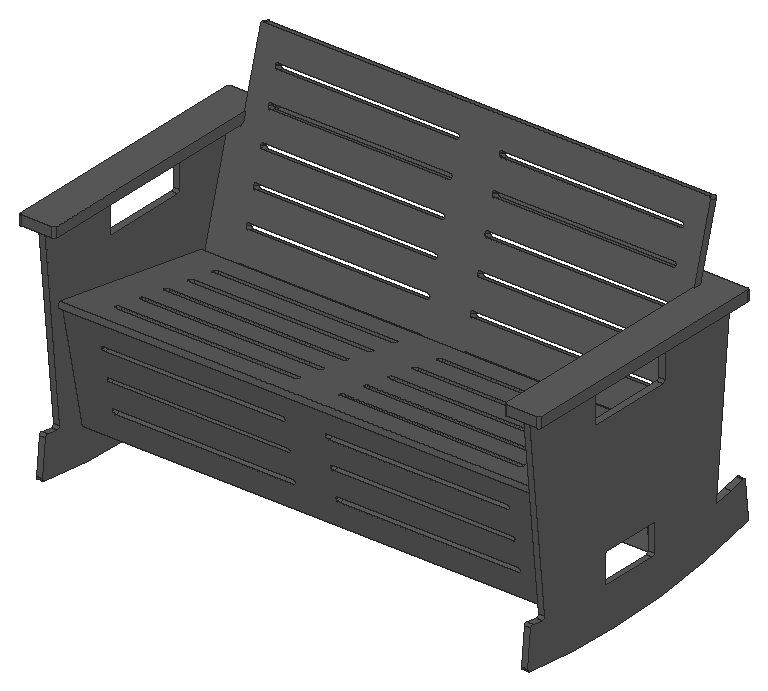
Revit family "Lollygagger Go Love Rocker", category Furniture, Revit 2016
Family settings
  OmniClass Number = 23.40.20.00
  OmniClass Title = General Furniture and Specialties
  Work Plane-Based = No
  Always vertical = Yes
  Cut with Voids When Loaded = No
  Shared = No
  Room Calculation Point = No
Parameters (values of type "Loll-Black")
  Width = 2' - 2"  # constant formula
  URL = "https://lolldesigns.com/"
  Type Image = go_love rocker.jpg
  Thick = 0' - 1"  # constant formula
  Model = ""
  Manufacturer = "Loll"  # constant formula
  Length = 4' - 3 1/2"  # constant formula
  Height Top = 2' - 0"  # constant formula
  Finish Material = Loll-Black
  Apron = 1' - 3 3/4"  # constant formula
Reference planes (in)
  plane 1 "Center Front/Back": y = 0
  plane 2: z = 0
  plane 3 "Center Left/Right": x = 0
  plane 4: z = 24
  plane 5: z = 23
  plane 6: y = 13
  plane 7: y = -13
  plane 8: z = 7.25
  plane 9: x = -25.75
  plane 10: x = 25.75
  plane 11: y = 9.97754
  plane 12: y = -9.97778
  plane 13: x = 24.3125
  plane 14: x = 23.6875
  plane 15: x = -24.3125
  plane 16: x = -23.6875
  plane 17: x = -22.25
  plane 18: x = 22.25
  plane 19: through (0, 12.90709, 32.04181) normal (0, -0.9613, 0.2756)
  plane 20: through (0, 13.50788, 31.86953) normal (0, -0.9613, 0.2756)
  plane 21: through (-60.54339, -180.30144, 45.90478) normal (0, 0.1736, 0.9848)
  plane 22: through (-60.54339, -180.40997, 45.28927) normal (0, 0.1736, 0.9848)
Forms (in)
  Extrusion 1, solid, material "Loll-Black" <- "Finish Material"
    sketch origin (8.0625, 0.28155, 0) x (1, 0, 0) y (0, 1, 0)
      loop
        arc (-33.5633, 12.71845) -> (-33.73951, 12.64546) -> (-33.8125, 12.46925) r 0.2492
        line (-33.8125, 12.46925) -> (-33.8125, -13.03428)
        arc (-33.8125, -13.03428) -> (-33.74008, -13.20912) -> (-33.56523, -13.28155) r 0.24727
        line (-33.56523, -13.28155) -> (-30.55977, -13.28155)
        arc (-30.55977, -13.28155) -> (-30.38492, -13.20912) -> (-30.3125, -13.03428) r 0.24727
        line (-30.3125, -13.03428) -> (-30.3125, 10.72442)
        arc (-30.3125, 10.72442) -> (-30.23928, 10.9012) -> (-30.0625, 10.97442) r 0.25
        line (-30.0625, 10.97442) -> (-29.0625, 10.97442)
        arc (-29.0625, 10.97442) -> (-28.88572, 11.04765) -> (-28.8125, 11.22442) r 0.25
        line (-28.8125, 11.22442) -> (-28.8125, 12.46925)
        arc (-28.8125, 12.46925) -> (-28.88549, 12.64546) -> (-29.0617, 12.71845) r 0.2492
        line (-29.0617, 12.71845) -> (-33.5633, 12.71845)
    from 23 to 24
  Extrusion 2, solid, material "Loll-Black" <- "Finish Material"
    sketch origin (-10.5, 0, 0) x (0, 1, 0) y (0, 0, 1)
      loop
        line (12.39892, 23) -> (4.37245, 23) -> (4.37245, 19.25)
        arc (4.37245, 19.25) -> (4.29923, 19.07322) -> (4.12245, 19) r 0.25
        line (4.12245, 19) -> (-4.12245, 19)
        arc (-4.12245, 19) -> (-4.29923, 19.07322) -> (-4.37245, 19.25) r 0.25
        line (-4.37245, 19.25) -> (-4.37245, 23) -> (-12.39892, 23) -> (-10.4896, 4.8341)
        arc (-10.4896, 4.8341) -> (-10.56457, 4.62813) -> (-10.77303, 4.5604) r 0.25
        line (-10.77303, 4.5604) -> (-11.94806, 4.72554)
        arc (-11.94806, 4.72554) -> (-12.13676, 4.67497) -> (-12.23148, 4.5041) r 0.25
        line (-12.23148, 4.5041) -> (-12.5975, 1.02168)
        arc (-12.5975, 1.02168) -> (-12.54352, 0.83867) -> (-12.37616, 0.74704) r 0.25
        line (-12.37616, 0.74704) -> (-6.98369, 0.15476) -> (-1.59178, 0.00395) -> (4.00288, 0.3065) -> (9.19313, 1.03594) -> (14.43463, 2.19533)
        arc (14.43463, 2.19533) -> (14.5835, 2.29332) -> (14.62927, 2.46557) r 0.25
        line (14.62927, 2.46557) -> (14.25865, 5.99185)
        arc (14.25865, 5.99185) -> (14.15215, 6.17138) -> (13.94656, 6.20753) r 0.25
        line (13.94656, 6.20753) -> (12.54978, 5.84098) -> (10.88859, 5.44919)
        arc (10.88859, 5.44919) -> (10.66599, 5.50488) -> (10.58257, 5.71864) r 0.25
        line (10.58257, 5.71864) -> (12.39892, 23)
      loop
        arc (2.85134, 4.20853) -> (3.02811, 4.28175) -> (3.10134, 4.45853) r 0.25
        line (3.10134, 4.45853) -> (3.10134, 7.01155)
        arc (3.10134, 7.01155) -> (3.02811, 7.18832) -> (2.85134, 7.26155) r 0.25
        line (2.85134, 7.26155) -> (-2.85134, 7.26155)
        arc (-2.85134, 7.26155) -> (-3.02811, 7.18832) -> (-3.10134, 7.01155) r 0.25
        line (-3.10134, 7.01155) -> (-3.10134, 4.45853)
        arc (-3.10134, 4.45853) -> (-3.02811, 4.28175) -> (-2.85134, 4.20853) r 0.25
        line (-2.85134, 4.20853) -> (2.85134, 4.20853)
    from -13.8125 to -13.1875
  Extrusion 3, solid, material "Loll-Black" <- "Finish Material"
    sketch origin (-11.5, 5.46875, 16) x (1, 0, 0) y (0, -1, 0)
      loop
        line (-11.99511, 15.2162) -> (-12.99721, 15.2162)
        arc (-12.99721, 15.2162) -> (-13.6179, 14.9591) -> (-13.875, 14.33841) r 0.87779
        line (-13.875, 14.33841) -> (-13.875, 13.33174)
        arc (-13.875, 13.33174) -> (-13.62149, 12.71971) -> (-13.00946, 12.4662) r 0.86554
        line (-13.00946, 12.4662) -> (-11.99664, 12.4662)
        arc (-11.99664, 12.4662) -> (-11.3803, 12.7215) -> (-11.125, 13.33784) r 0.87164
        line (-11.125, 13.33784) -> (-11.125, 14.34609)
        arc (-11.125, 14.34609) -> (-11.37985, 14.96135) -> (-11.99511, 15.2162) r 0.87011
      loop
        circle (-11.62711, 13.83944) r 0.15388
      loop
        circle (-13.37289, 13.83944) r 0.15388
    from -7 to -6.75
  Extrusion 4, solid, material "Loll-Black" <- "Finish Material"
    sketch origin (-8.0625, 0.28155, 0) x (-1, 0, 0) y (0, -1, 0)
      loop
        line (-33.5633, -12.71845) -> (-29.0617, -12.71845)
        arc (-29.0617, -12.71845) -> (-28.88549, -12.64546) -> (-28.8125, -12.46925) r 0.2492
        line (-28.8125, -12.46925) -> (-28.8125, -11.22442)
        arc (-28.8125, -11.22442) -> (-28.88572, -11.04765) -> (-29.0625, -10.97442) r 0.25
        line (-29.0625, -10.97442) -> (-30.0625, -10.97442)
        arc (-30.0625, -10.97442) -> (-30.23928, -10.9012) -> (-30.3125, -10.72442) r 0.25
        line (-30.3125, -10.72442) -> (-30.3125, 13.03428)
        arc (-30.3125, 13.03428) -> (-30.38492, 13.20912) -> (-30.55977, 13.28155) r 0.24727
        line (-30.55977, 13.28155) -> (-33.56523, 13.28155)
        arc (-33.56523, 13.28155) -> (-33.74008, 13.20912) -> (-33.8125, 13.03428) r 0.24727
        line (-33.8125, 13.03428) -> (-33.8125, -12.46925)
        arc (-33.8125, -12.46925) -> (-33.73951, -12.64546) -> (-33.5633, -12.71845) r 0.2492
    from 23 to 24
  Extrusion 5, solid, material "Loll-Black" <- "Finish Material"
    sketch origin (-11.5, 21.33866, 16) x (1, 0, 0) y (0, -1, 0)
      loop
        line (-11.99511, 15.2162) -> (-12.99721, 15.2162)
        arc (-12.99721, 15.2162) -> (-13.6179, 14.9591) -> (-13.875, 14.33841) r 0.87779
        line (-13.875, 14.33841) -> (-13.875, 13.33174)
        arc (-13.875, 13.33174) -> (-13.62149, 12.71971) -> (-13.00946, 12.4662) r 0.86554
        line (-13.00946, 12.4662) -> (-11.99664, 12.4662)
        arc (-11.99664, 12.4662) -> (-11.3803, 12.7215) -> (-11.125, 13.33784) r 0.87164
        line (-11.125, 13.33784) -> (-11.125, 14.34609)
        arc (-11.125, 14.34609) -> (-11.37985, 14.96135) -> (-11.99511, 15.2162) r 0.87011
      loop
        circle (-11.62711, 13.83944) r 0.15388
      loop
        circle (-13.37289, 13.83944) r 0.15388
    from -7 to -6.75
  Extrusion 6, solid, material "Loll-Black" <- "Finish Material"
    sketch origin (11.5, 5.46875, 16) x (1, 0, 0) y (0, -1, 0)
      loop
        arc (11.99511, 15.2162) -> (11.37985, 14.96135) -> (11.125, 14.34609) r 0.87011
        line (11.125, 14.34609) -> (11.125, 13.33784)
        arc (11.125, 13.33784) -> (11.3803, 12.7215) -> (11.99664, 12.4662) r 0.87164
        line (11.99664, 12.4662) -> (13.00946, 12.4662)
        arc (13.00946, 12.4662) -> (13.62149, 12.71971) -> (13.875, 13.33174) r 0.86554
        line (13.875, 13.33174) -> (13.875, 14.33841)
        arc (13.875, 14.33841) -> (13.6179, 14.9591) -> (12.99721, 15.2162) r 0.87779
        line (12.99721, 15.2162) -> (11.99511, 15.2162)
      loop
        circle (11.62711, 13.83944) r 0.15388
      loop
        circle (13.37289, 13.83944) r 0.15388
    from -7 to -6.75
  Extrusion 7, solid, material "Loll-Black" <- "Finish Material"
    sketch origin (11.5, 21.33866, 16) x (1, 0, 0) y (0, -1, 0)
      loop
        arc (11.99511, 15.2162) -> (11.37985, 14.96135) -> (11.125, 14.34609) r 0.87011
        line (11.125, 14.34609) -> (11.125, 13.33784)
        arc (11.125, 13.33784) -> (11.3803, 12.7215) -> (11.99664, 12.4662) r 0.87164
        line (11.99664, 12.4662) -> (13.00946, 12.4662)
        arc (13.00946, 12.4662) -> (13.62149, 12.71971) -> (13.875, 13.33174) r 0.86554
        line (13.875, 13.33174) -> (13.875, 14.33841)
        arc (13.875, 14.33841) -> (13.6179, 14.9591) -> (12.99721, 15.2162) r 0.87779
        line (12.99721, 15.2162) -> (11.99511, 15.2162)
      loop
        circle (11.62711, 13.83944) r 0.15388
      loop
        circle (13.37289, 13.83944) r 0.15388
    from -7 to -6.75
  Extrusion 8, solid, material "Loll-Black" <- "Finish Material"
    sketch origin (21.6575, -11.94341, 3.54175) x (1, 0, 0) y (0, 0.984808, -0.173648)
      loop
        line (-45.345, 16.82099) -> (-45.345, -0.92901) -> (2.03, -0.92901) -> (2.03, 16.82099) -> (-45.345, 16.82099)
      loop
        line (-41.595, 13.76891) -> (-23.9075, 13.76891)
        arc (-23.9075, 13.76891) -> (-23.73072, 13.84213) -> (-23.6575, 14.01891) r 0.25
        line (-23.6575, 14.01891) -> (-23.6575, 14.08141)
        arc (-23.6575, 14.08141) -> (-23.73072, 14.25818) -> (-23.9075, 14.33141) r 0.25
        line (-23.9075, 14.33141) -> (-41.595, 14.33141)
        arc (-41.595, 14.33141) -> (-41.77178, 14.25818) -> (-41.845, 14.08141) r 0.25
        line (-41.845, 14.08141) -> (-41.845, 14.01891)
        arc (-41.845, 14.01891) -> (-41.77178, 13.84213) -> (-41.595, 13.76891) r 0.25
      loop
        line (-1.72, 14.33141) -> (-19.4075, 14.33141)
        arc (-19.4075, 14.33141) -> (-19.58428, 14.25818) -> (-19.6575, 14.08141) r 0.25
        line (-19.6575, 14.08141) -> (-19.6575, 14.01891)
        arc (-19.6575, 14.01891) -> (-19.58428, 13.84213) -> (-19.4075, 13.76891) r 0.25
        line (-19.4075, 13.76891) -> (-1.72, 13.76891)
        arc (-1.72, 13.76891) -> (-1.54322, 13.84213) -> (-1.47, 14.01891) r 0.25
        line (-1.47, 14.01891) -> (-1.47, 14.08141)
        arc (-1.47, 14.08141) -> (-1.54322, 14.25818) -> (-1.72, 14.33141) r 0.25
      loop
        line (-41.595, 10.71682) -> (-23.9075, 10.71682)
        arc (-23.9075, 10.71682) -> (-23.73072, 10.79005) -> (-23.6575, 10.96682) r 0.25
        line (-23.6575, 10.96682) -> (-23.6575, 11.02932)
        arc (-23.6575, 11.02932) -> (-23.73072, 11.2061) -> (-23.9075, 11.27932) r 0.25
        line (-23.9075, 11.27932) -> (-41.595, 11.27932)
        arc (-41.595, 11.27932) -> (-41.77178, 11.2061) -> (-41.845, 11.02932) r 0.25
        line (-41.845, 11.02932) -> (-41.845, 10.96682)
        arc (-41.845, 10.96682) -> (-41.77178, 10.79005) -> (-41.595, 10.71682) r 0.25
      loop
        line (-1.72, 11.27932) -> (-19.4075, 11.27932)
        arc (-19.4075, 11.27932) -> (-19.58428, 11.2061) -> (-19.6575, 11.02932) r 0.25
        line (-19.6575, 11.02932) -> (-19.6575, 10.96682)
        arc (-19.6575, 10.96682) -> (-19.58428, 10.79005) -> (-19.4075, 10.71682) r 0.25
        line (-19.4075, 10.71682) -> (-1.72, 10.71682)
        arc (-1.72, 10.71682) -> (-1.54322, 10.79005) -> (-1.47, 10.96682) r 0.25
        line (-1.47, 10.96682) -> (-1.47, 11.02932)
        arc (-1.47, 11.02932) -> (-1.54322, 11.2061) -> (-1.72, 11.27932) r 0.25
      loop
        line (-41.595, 4.61266) -> (-23.9075, 4.61266)
        arc (-23.9075, 4.61266) -> (-23.73072, 4.68588) -> (-23.6575, 4.86266) r 0.25
        line (-23.6575, 4.86266) -> (-23.6575, 4.92516)
        arc (-23.6575, 4.92516) -> (-23.73072, 5.10193) -> (-23.9075, 5.17516) r 0.25
        line (-23.9075, 5.17516) -> (-41.595, 5.17516)
        arc (-41.595, 5.17516) -> (-41.77178, 5.10193) -> (-41.845, 4.92516) r 0.25
        line (-41.845, 4.92516) -> (-41.845, 4.86266)
        arc (-41.845, 4.86266) -> (-41.77178, 4.68588) -> (-41.595, 4.61266) r 0.25
      loop
        line (-1.72, 5.17516) -> (-19.4075, 5.17516)
        arc (-19.4075, 5.17516) -> (-19.58428, 5.10193) -> (-19.6575, 4.92516) r 0.25
        line (-19.6575, 4.92516) -> (-19.6575, 4.86266)
        arc (-19.6575, 4.86266) -> (-19.58428, 4.68588) -> (-19.4075, 4.61266) r 0.25
        line (-19.4075, 4.61266) -> (-1.72, 4.61266)
        arc (-1.72, 4.61266) -> (-1.54322, 4.68588) -> (-1.47, 4.86266) r 0.25
        line (-1.47, 4.86266) -> (-1.47, 4.92516)
        arc (-1.47, 4.92516) -> (-1.54322, 5.10193) -> (-1.72, 5.17516) r 0.25
      loop
        arc (-1.72, 7.66474) -> (-1.54322, 7.73796) -> (-1.47, 7.91474) r 0.25
        line (-1.47, 7.91474) -> (-1.47, 7.97724)
        arc (-1.47, 7.97724) -> (-1.54322, 8.15402) -> (-1.72, 8.22724) r 0.25
        line (-1.72, 8.22724) -> (-19.4075, 8.22724)
        arc (-19.4075, 8.22724) -> (-19.58428, 8.15402) -> (-19.6575, 7.97724) r 0.25
        line (-19.6575, 7.97724) -> (-19.6575, 7.91474)
        arc (-19.6575, 7.91474) -> (-19.58428, 7.73796) -> (-19.4075, 7.66474) r 0.25
        line (-19.4075, 7.66474) -> (-1.72, 7.66474)
      loop
        arc (-23.9075, 7.66474) -> (-23.73072, 7.73796) -> (-23.6575, 7.91474) r 0.25
        line (-23.6575, 7.91474) -> (-23.6575, 7.97724)
        arc (-23.6575, 7.97724) -> (-23.73072, 8.15402) -> (-23.9075, 8.22724) r 0.25
        line (-23.9075, 8.22724) -> (-41.595, 8.22724)
        arc (-41.595, 8.22724) -> (-41.77178, 8.15402) -> (-41.845, 7.97724) r 0.25
        line (-41.845, 7.97724) -> (-41.845, 7.91474)
        arc (-41.845, 7.91474) -> (-41.77178, 7.73796) -> (-41.595, 7.66474) r 0.25
        line (-41.595, 7.66474) -> (-23.9075, 7.66474)
      loop
        line (-41.595, 1.56057) -> (-23.9075, 1.56057)
        arc (-23.9075, 1.56057) -> (-23.73072, 1.6338) -> (-23.6575, 1.81057) r 0.25
        line (-23.6575, 1.81057) -> (-23.6575, 1.87307)
        arc (-23.6575, 1.87307) -> (-23.73072, 2.04985) -> (-23.9075, 2.12307) r 0.25
        line (-23.9075, 2.12307) -> (-41.595, 2.12307)
        arc (-41.595, 2.12307) -> (-41.77178, 2.04985) -> (-41.845, 1.87307) r 0.25
        line (-41.845, 1.87307) -> (-41.845, 1.81057)
        arc (-41.845, 1.81057) -> (-41.77178, 1.6338) -> (-41.595, 1.56057) r 0.25
      loop
        line (-1.72, 2.12307) -> (-19.4075, 2.12307)
        arc (-19.4075, 2.12307) -> (-19.58428, 2.04985) -> (-19.6575, 1.87307) r 0.25
        line (-19.6575, 1.87307) -> (-19.6575, 1.81057)
        arc (-19.6575, 1.81057) -> (-19.58428, 1.6338) -> (-19.4075, 1.56057) r 0.25
        line (-19.4075, 1.56057) -> (-1.72, 1.56057)
        arc (-1.72, 1.56057) -> (-1.54322, 1.6338) -> (-1.47, 1.81057) r 0.25
        line (-1.47, 1.81057) -> (-1.47, 1.87307)
        arc (-1.47, 1.87307) -> (-1.54322, 2.04985) -> (-1.72, 2.12307) r 0.25
    from 11.85938 to 12.48438
  Extrusion 9, solid, material "Loll-Black" <- "Finish Material"
    sketch origin (0.03, 4.57083, 10.76824) x (1, 0, 0) y (0, -0.173648, -0.984808)
      loop
        line (-23.7175, -1.875) -> (23.6575, -1.875) -> (23.6575, 1.6875) -> (-23.7175, 1.6875) -> (-23.7175, -1.875)
    from 0 to -0.625
  Extrusion 10, solid, material "Loll-Black" <- "Finish Material"
    sketch origin (-23.6875, -2.25088, 5.52508) x (0, -0.984808, 0.173648) y (0, -0.173648, -0.984808)
      loop
        line (-2.24394, -8.22308) -> (4.75616, -8.22308) -> (4.7597, -7.57211)
        arc (4.7597, -7.57211) -> (4.50585, -6.94971) -> (3.88624, -6.6891) r 0.87825
        line (3.88624, -6.6891) -> (-1.35994, -6.66058)
        arc (-1.35994, -6.66058) -> (-1.98039, -6.91364) -> (-2.24018, -7.53131) r 0.8755
        line (-2.24018, -7.53131) -> (-2.24394, -8.22308)
      loop
        circle (-0.73698, -7.2694) r 0.15567
      loop
        circle (3.26296, -7.29114) r 0.15567
    from 0 to 0.625
  Extrusion 11, solid, material "Loll-Black" <- "Finish Material"
    sketch origin (23.6875, -2.25088, 5.52508) x (0, -0.984808, 0.173648) y (0, 0.173648, 0.984808)
      loop
        line (-2.24394, 8.22308) -> (-2.24018, 7.53131)
        arc (-2.24018, 7.53131) -> (-1.98039, 6.91364) -> (-1.35994, 6.66058) r 0.8755
        line (-1.35994, 6.66058) -> (3.88624, 6.6891)
        arc (3.88624, 6.6891) -> (4.50585, 6.94971) -> (4.7597, 7.57211) r 0.87825
        line (4.7597, 7.57211) -> (4.75616, 8.22308) -> (-2.24394, 8.22308)
      loop
        circle (-0.73698, 7.2694) r 0.15567
      loop
        circle (3.26296, 7.29114) r 0.15567
    from 0 to 0.625
  Extrusion 12, solid, material "Loll-Black" <- "Finish Material"
    sketch origin (0, -9.01647, 8.10038) x (0, 0.207912, -0.978148) y (-1, 0, 0)
      loop
        line (4.55366, 23.6875) -> (-7.32134, 23.6875) -> (-7.32134, -23.6875) -> (4.55366, -23.6875) -> (4.55366, 23.6875)
      loop
        arc (-4.3056, 19.875) -> (-4.37882, 20.05178) -> (-4.5556, 20.125) r 0.25
        line (-4.5556, 20.125) -> (-4.59373, 20.125)
        arc (-4.59373, 20.125) -> (-4.78782, 20.04461) -> (-4.86821, 19.85052) r 0.27448
        line (-4.86821, 19.85052) -> (-4.86821, 2.25)
        arc (-4.86821, 2.25) -> (-4.79499, 2.07322) -> (-4.61821, 2) r 0.25
        line (-4.61821, 2) -> (-4.5556, 2)
        arc (-4.5556, 2) -> (-4.37882, 2.07322) -> (-4.3056, 2.25) r 0.25
        line (-4.3056, 2.25) -> (-4.3056, 19.875)
      loop
        arc (-4.86821, -20) -> (-4.79499, -20.17678) -> (-4.61821, -20.25) r 0.25
        line (-4.61821, -20.25) -> (-4.58084, -20.25)
        arc (-4.58084, -20.25) -> (-4.38621, -20.16938) -> (-4.3056, -19.97475) r 0.27525
        line (-4.3056, -19.97475) -> (-4.3056, -2.25)
        arc (-4.3056, -2.25) -> (-4.37882, -2.07322) -> (-4.5556, -2) r 0.25
        line (-4.5556, -2) -> (-4.61821, -2)
        arc (-4.61821, -2) -> (-4.79499, -2.07322) -> (-4.86821, -2.25) r 0.25
        line (-4.86821, -2.25) -> (-4.86821, -20)
      loop
        arc (-1.16497, 19.875) -> (-1.2382, 20.05178) -> (-1.41497, 20.125) r 0.25
        line (-1.41497, 20.125) -> (-1.45311, 20.125)
        arc (-1.45311, 20.125) -> (-1.64719, 20.04461) -> (-1.72759, 19.85052) r 0.27448
        line (-1.72759, 19.85052) -> (-1.72759, 2.25)
        arc (-1.72759, 2.25) -> (-1.65436, 2.07322) -> (-1.47759, 2) r 0.25
        line (-1.47759, 2) -> (-1.41497, 2)
        arc (-1.41497, 2) -> (-1.2382, 2.07322) -> (-1.16497, 2.25) r 0.25
        line (-1.16497, 2.25) -> (-1.16497, 19.875)
      loop
        arc (-1.72759, -20) -> (-1.65436, -20.17678) -> (-1.47759, -20.25) r 0.25
        line (-1.47759, -20.25) -> (-1.44022, -20.25)
        arc (-1.44022, -20.25) -> (-1.24559, -20.16938) -> (-1.16497, -19.97475) r 0.27525
        line (-1.16497, -19.97475) -> (-1.16497, -2.25)
        arc (-1.16497, -2.25) -> (-1.2382, -2.07322) -> (-1.41497, -2) r 0.25
        line (-1.41497, -2) -> (-1.47759, -2)
        arc (-1.47759, -2) -> (-1.65436, -2.07322) -> (-1.72759, -2.25) r 0.25
        line (-1.72759, -2.25) -> (-1.72759, -20)
      loop
        arc (1.97565, 19.875) -> (1.90243, 20.05178) -> (1.72565, 20.125) r 0.25
        line (1.72565, 20.125) -> (1.68752, 20.125)
        arc (1.68752, 20.125) -> (1.49343, 20.04461) -> (1.41304, 19.85052) r 0.27448
        line (1.41304, 19.85052) -> (1.41304, 2.25)
        arc (1.41304, 2.25) -> (1.48626, 2.07322) -> (1.66304, 2) r 0.25
        line (1.66304, 2) -> (1.72565, 2)
        arc (1.72565, 2) -> (1.90243, 2.07322) -> (1.97565, 2.25) r 0.25
        line (1.97565, 2.25) -> (1.97565, 19.875)
      loop
        arc (1.41304, -20) -> (1.48626, -20.17678) -> (1.66304, -20.25) r 0.25
        line (1.66304, -20.25) -> (1.70041, -20.25)
        arc (1.70041, -20.25) -> (1.89504, -20.16938) -> (1.97565, -19.97475) r 0.27525
        line (1.97565, -19.97475) -> (1.97565, -2.25)
        arc (1.97565, -2.25) -> (1.90243, -2.07322) -> (1.72565, -2) r 0.25
        line (1.72565, -2) -> (1.66304, -2)
        arc (1.66304, -2) -> (1.48626, -2.07322) -> (1.41304, -2.25) r 0.25
        line (1.41304, -2.25) -> (1.41304, -20)
    from 0.86554 to 0.24054
  Extrusion 13, solid, material "Loll-Black" <- "Finish Material"
    sketch origin (0, 5.69791, 4.75226) x (0, -0.275637, -0.961262) y (1, 0, 0)
      loop
        line (1.74346, -23.6875) -> (1.74346, 23.6875) -> (-18.54654, 23.6875) -> (-18.54654, 22.25) -> (-27.00654, 22.25)
        arc (-27.00654, 22.25) -> (-27.18332, 22.17678) -> (-27.25654, 22) r 0.25
        line (-27.25654, 22) -> (-27.25654, -22)
        arc (-27.25654, -22) -> (-27.18332, -22.17678) -> (-27.00654, -22.25) r 0.25
        line (-27.00654, -22.25) -> (-18.54654, -22.25) -> (-18.54654, -23.6875) -> (1.74346, -23.6875)
      loop
        arc (-23.97182, 19.97888) -> (-24.03292, 20.1264) -> (-24.18043, 20.1875) r 0.20862
        line (-24.18043, 20.1875) -> (-24.25632, 20.1875)
        arc (-24.25632, 20.1875) -> (-24.45289, 20.10608) -> (-24.53432, 19.90951) r 0.27799
        line (-24.53432, 19.90951) -> (-24.53432, 2.25)
        arc (-24.53432, 2.25) -> (-24.46109, 2.07322) -> (-24.28432, 2) r 0.25
        line (-24.28432, 2) -> (-24.22182, 2)
        arc (-24.22182, 2) -> (-24.04504, 2.07322) -> (-23.97182, 2.25) r 0.25
        line (-23.97182, 2.25) -> (-23.97182, 19.97888)
      loop
        line (-24.28432, -20.1875) -> (-24.22182, -20.1875)
        arc (-24.22182, -20.1875) -> (-24.04504, -20.11428) -> (-23.97182, -19.9375) r 0.25
        line (-23.97182, -19.9375) -> (-23.97182, -2.25)
        arc (-23.97182, -2.25) -> (-24.04504, -2.07322) -> (-24.22182, -2) r 0.25
        line (-24.22182, -2) -> (-24.28432, -2)
        arc (-24.28432, -2) -> (-24.46109, -2.07322) -> (-24.53432, -2.25) r 0.25
        line (-24.53432, -2.25) -> (-24.53432, -19.9375)
        arc (-24.53432, -19.9375) -> (-24.46109, -20.11428) -> (-24.28432, -20.1875) r 0.25
      loop
        arc (-20.68709, 19.97888) -> (-20.7482, 20.1264) -> (-20.89571, 20.1875) r 0.20862
        line (-20.89571, 20.1875) -> (-20.9716, 20.1875)
        arc (-20.9716, 20.1875) -> (-21.16817, 20.10608) -> (-21.24959, 19.90951) r 0.27799
        line (-21.24959, 19.90951) -> (-21.24959, 2.25)
        arc (-21.24959, 2.25) -> (-21.17637, 2.07322) -> (-20.99959, 2) r 0.25
        line (-20.99959, 2) -> (-20.93709, 2)
        arc (-20.93709, 2) -> (-20.76032, 2.07322) -> (-20.68709, 2.25) r 0.25
        line (-20.68709, 2.25) -> (-20.68709, 19.97888)
      loop
        line (-20.99959, -20.1875) -> (-20.93709, -20.1875)
        arc (-20.93709, -20.1875) -> (-20.76032, -20.11428) -> (-20.68709, -19.9375) r 0.25
        line (-20.68709, -19.9375) -> (-20.68709, -2.25)
        arc (-20.68709, -2.25) -> (-20.76032, -2.07322) -> (-20.93709, -2) r 0.25
        line (-20.93709, -2) -> (-20.99959, -2)
        arc (-20.99959, -2) -> (-21.17637, -2.07322) -> (-21.24959, -2.25) r 0.25
        line (-21.24959, -2.25) -> (-21.24959, -19.9375)
        arc (-21.24959, -19.9375) -> (-21.17637, -20.11428) -> (-20.99959, -20.1875) r 0.25
      loop
        arc (-17.40237, 19.97888) -> (-17.46347, 20.1264) -> (-17.61099, 20.1875) r 0.20862
        line (-17.61099, 20.1875) -> (-17.68688, 20.1875)
        arc (-17.68688, 20.1875) -> (-17.88345, 20.10608) -> (-17.96487, 19.90951) r 0.27799
        line (-17.96487, 19.90951) -> (-17.96487, 2.25)
        arc (-17.96487, 2.25) -> (-17.89165, 2.07322) -> (-17.71487, 2) r 0.25
        line (-17.71487, 2) -> (-17.65237, 2)
        arc (-17.65237, 2) -> (-17.4756, 2.07322) -> (-17.40237, 2.25) r 0.25
        line (-17.40237, 2.25) -> (-17.40237, 19.97888)
      loop
        line (-17.71487, -20.1875) -> (-17.65237, -20.1875)
        arc (-17.65237, -20.1875) -> (-17.4756, -20.11428) -> (-17.40237, -19.9375) r 0.25
        line (-17.40237, -19.9375) -> (-17.40237, -2.25)
        arc (-17.40237, -2.25) -> (-17.4756, -2.07322) -> (-17.65237, -2) r 0.25
        line (-17.65237, -2) -> (-17.71487, -2)
        arc (-17.71487, -2) -> (-17.89165, -2.07322) -> (-17.96487, -2.25) r 0.25
        line (-17.96487, -2.25) -> (-17.96487, -19.9375)
        arc (-17.96487, -19.9375) -> (-17.89165, -20.11428) -> (-17.71487, -20.1875) r 0.25
      loop
        arc (-14.11765, 19.97888) -> (-14.17875, 20.1264) -> (-14.32627, 20.1875) r 0.20862
        line (-14.32627, 20.1875) -> (-14.40216, 20.1875)
        arc (-14.40216, 20.1875) -> (-14.59873, 20.10608) -> (-14.68015, 19.90951) r 0.27799
        line (-14.68015, 19.90951) -> (-14.68015, 2.25)
        arc (-14.68015, 2.25) -> (-14.60693, 2.07322) -> (-14.43015, 2) r 0.25
        line (-14.43015, 2) -> (-14.36765, 2)
        arc (-14.36765, 2) -> (-14.19087, 2.07322) -> (-14.11765, 2.25) r 0.25
        line (-14.11765, 2.25) -> (-14.11765, 19.97888)
      loop
        line (-14.43015, -20.1875) -> (-14.36765, -20.1875)
        arc (-14.36765, -20.1875) -> (-14.19087, -20.11428) -> (-14.11765, -19.9375) r 0.25
        line (-14.11765, -19.9375) -> (-14.11765, -2.25)
        arc (-14.11765, -2.25) -> (-14.19087, -2.07322) -> (-14.36765, -2) r 0.25
        line (-14.36765, -2) -> (-14.43015, -2)
        arc (-14.43015, -2) -> (-14.60693, -2.07322) -> (-14.68015, -2.25) r 0.25
        line (-14.68015, -2.25) -> (-14.68015, -19.9375)
        arc (-14.68015, -19.9375) -> (-14.60693, -20.11428) -> (-14.43015, -20.1875) r 0.25
      loop
        arc (-10.83293, 19.97888) -> (-10.89403, 20.1264) -> (-11.04154, 20.1875) r 0.20862
        line (-11.04154, 20.1875) -> (-11.11744, 20.1875)
        arc (-11.11744, 20.1875) -> (-11.31401, 20.10608) -> (-11.39543, 19.90951) r 0.27799
        line (-11.39543, 19.90951) -> (-11.39543, 2.25)
        arc (-11.39543, 2.25) -> (-11.3222, 2.07322) -> (-11.14543, 2) r 0.25
        line (-11.14543, 2) -> (-11.08293, 2)
        arc (-11.08293, 2) -> (-10.90615, 2.07322) -> (-10.83293, 2.25) r 0.25
        line (-10.83293, 2.25) -> (-10.83293, 19.97888)
      loop
        line (-11.14543, -20.1875) -> (-11.08293, -20.1875)
        arc (-11.08293, -20.1875) -> (-10.90615, -20.11428) -> (-10.83293, -19.9375) r 0.25
        line (-10.83293, -19.9375) -> (-10.83293, -2.25)
        arc (-10.83293, -2.25) -> (-10.90615, -2.07322) -> (-11.08293, -2) r 0.25
        line (-11.08293, -2) -> (-11.14543, -2)
        arc (-11.14543, -2) -> (-11.3222, -2.07322) -> (-11.39543, -2.25) r 0.25
        line (-11.39543, -2.25) -> (-11.39543, -19.9375)
        arc (-11.39543, -19.9375) -> (-11.3222, -20.11428) -> (-11.14543, -20.1875) r 0.25
      loop
        arc (-7.48746, 19.97888) -> (-7.54856, 20.1264) -> (-7.69607, 20.1875) r 0.20862
        line (-7.69607, 20.1875) -> (-7.77196, 20.1875)
        arc (-7.77196, 20.1875) -> (-7.96853, 20.10608) -> (-8.04996, 19.90951) r 0.27799
        line (-8.04996, 19.90951) -> (-8.04996, 2.25)
        arc (-8.04996, 2.25) -> (-7.97673, 2.07322) -> (-7.79996, 2) r 0.25
        line (-7.79996, 2) -> (-7.73746, 2)
        arc (-7.73746, 2) -> (-7.56068, 2.07322) -> (-7.48746, 2.25) r 0.25
        line (-7.48746, 2.25) -> (-7.48746, 19.97888)
      loop
        line (-7.79996, -20.1875) -> (-7.73746, -20.1875)
        arc (-7.73746, -20.1875) -> (-7.56068, -20.11428) -> (-7.48746, -19.9375) r 0.25
        line (-7.48746, -19.9375) -> (-7.48746, -2.25)
        arc (-7.48746, -2.25) -> (-7.56068, -2.07322) -> (-7.73746, -2) r 0.25
        line (-7.73746, -2) -> (-7.79996, -2)
        arc (-7.79996, -2) -> (-7.97673, -2.07322) -> (-8.04996, -2.25) r 0.25
        line (-8.04996, -2.25) -> (-8.04996, -19.9375)
        arc (-8.04996, -19.9375) -> (-7.97673, -20.11428) -> (-7.79996, -20.1875) r 0.25
      loop
        arc (-4.26523, 19.97888) -> (-4.32634, 20.1264) -> (-4.47385, 20.1875) r 0.20862
        line (-4.47385, 20.1875) -> (-4.54799, 20.1875)
        arc (-4.54799, 20.1875) -> (-4.74456, 20.10608) -> (-4.82598, 19.90951) r 0.27799
        line (-4.82598, 19.90951) -> (-4.82598, 2.25)
        arc (-4.82598, 2.25) -> (-4.75276, 2.07322) -> (-4.57598, 2) r 0.25
        line (-4.57598, 2) -> (-4.51523, 2)
        arc (-4.51523, 2) -> (-4.33846, 2.07322) -> (-4.26523, 2.25) r 0.25
        line (-4.26523, 2.25) -> (-4.26523, 19.97888)
      loop
        line (-4.57598, -20.1875) -> (-4.51348, -20.1875)
        arc (-4.51348, -20.1875) -> (-4.33671, -20.11428) -> (-4.26348, -19.9375) r 0.25
        line (-4.26348, -19.9375) -> (-4.26348, -2.25)
        arc (-4.26348, -2.25) -> (-4.33671, -2.07322) -> (-4.51348, -2) r 0.25
        line (-4.51348, -2) -> (-4.57598, -2)
        arc (-4.57598, -2) -> (-4.75276, -2.07322) -> (-4.82598, -2.25) r 0.25
        line (-4.82598, -2.25) -> (-4.82598, -19.9375)
        arc (-4.82598, -19.9375) -> (-4.75276, -20.11428) -> (-4.57598, -20.1875) r 0.25
      loop
        arc (-0.97876, 19.97888) -> (-1.03986, 20.1264) -> (-1.18738, 20.1875) r 0.20862
        line (-1.18738, 20.1875) -> (-1.26327, 20.1875)
        arc (-1.26327, 20.1875) -> (-1.45984, 20.10608) -> (-1.54126, 19.90951) r 0.27799
        line (-1.54126, 19.90951) -> (-1.54126, 2.25)
        arc (-1.54126, 2.25) -> (-1.46804, 2.07322) -> (-1.29126, 2) r 0.25
        line (-1.29126, 2) -> (-1.22876, 2)
        arc (-1.22876, 2) -> (-1.05198, 2.07322) -> (-0.97876, 2.25) r 0.25
        line (-0.97876, 2.25) -> (-0.97876, 19.97888)
      loop
        line (-1.29126, -20.1875) -> (-1.22876, -20.1875)
        arc (-1.22876, -20.1875) -> (-1.05198, -20.11428) -> (-0.97876, -19.9375) r 0.25
        line (-0.97876, -19.9375) -> (-0.97876, -2.25)
        arc (-0.97876, -2.25) -> (-1.05198, -2.07322) -> (-1.22876, -2) r 0.25
        line (-1.22876, -2) -> (-1.29126, -2)
        arc (-1.29126, -2) -> (-1.46804, -2.07322) -> (-1.54126, -2.25) r 0.25
        line (-1.54126, -2.25) -> (-1.54126, -19.9375)
        arc (-1.54126, -19.9375) -> (-1.46804, -20.11428) -> (-1.29126, -20.1875) r 0.25
    from 0.59211 to -0.03289
  Extrusion 14, solid, material "Loll-Black" <- "Finish Material"
    sketch origin (-23.6875, -1.76831, 11.50626) x (0, -0.275637, -0.961262) y (0, 0.961262, -0.275637)
      loop
        line (-2.25061, 8.44654) -> (-2.2468, 7.746)
        arc (-2.2468, 7.746) -> (-1.98701, 7.12834) -> (-1.36656, 6.87528) r 0.8755
        line (-1.36656, 6.87528) -> (3.87962, 6.9038)
        arc (3.87962, 6.9038) -> (4.49923, 7.1644) -> (4.75308, 7.78681) r 0.87825
        line (4.75308, 7.78681) -> (4.74949, 8.44654) -> (-2.25061, 8.44654)
      loop
        circle (-0.74982, 7.50656) r 0.15567
      loop
        circle (3.2542, 7.50521) r 0.15567
    from 0 to 0.625
  Extrusion 15, solid, material "Loll-Black" <- "Finish Material"
    sketch origin (23.6875, -1.7759, 11.4798) x (0, -0.275637, -0.961262) y (0, -0.961262, 0.275637)
      loop
        line (-2.27813, -8.44654) -> (4.72197, -8.44654) -> (4.72559, -7.78142)
        arc (4.72559, -7.78142) -> (4.47174, -7.15901) -> (3.85213, -6.89841) r 0.87825
        line (3.85213, -6.89841) -> (-1.39405, -6.86989)
        arc (-1.39405, -6.86989) -> (-2.01451, -7.12295) -> (-2.27429, -7.74061) r 0.8755
        line (-2.27429, -7.74061) -> (-2.27813, -8.44654)
      loop
        circle (-0.77665, -7.50586) r 0.15567
      loop
        circle (3.22492, -7.50776) r 0.15567
    from 0 to 0.625
  Extrusion 16, solid, material "Loll-Black" <- "Finish Material"
    sketch origin (-23.6875, -0.7169, 13.19056) x (0, 0.207912, -0.978148) y (0, 0.978148, 0.207912)
      loop
        line (-1.69306, -8.31097) -> (5.30704, -8.31097) -> (5.31066, -7.64558)
        arc (5.31066, -7.64558) -> (5.0568, -7.02318) -> (4.4372, -6.76258) r 0.87825
        line (4.4372, -6.76258) -> (-0.80898, -6.73406)
        arc (-0.80898, -6.73406) -> (-1.42944, -6.98712) -> (-1.68923, -7.60478) r 0.8755
        line (-1.68923, -7.60478) -> (-1.69306, -8.31097)
      loop
        circle (-0.18612, -7.36077) r 0.15567
      loop
        circle (3.81382, -7.38252) r 0.15567
    from 0 to 0.625
  Extrusion 17, solid, material "Loll-Black" <- "Finish Material"
    sketch origin (23.6875, -0.72, 12.62133) x (0, 0.207912, -0.978148) y (0, -0.978148, -0.207912)
      loop
        line (-2.24921, 8.18959) -> (-2.24537, 7.4834)
        arc (-2.24537, 7.4834) -> (-1.98559, 6.86574) -> (-1.36513, 6.61268) r 0.8755
        line (-1.36513, 6.61268) -> (3.88105, 6.6412)
        arc (3.88105, 6.6412) -> (4.50065, 6.9018) -> (4.75451, 7.52421) r 0.87825
        line (4.75451, 7.52421) -> (4.75089, 8.18959) -> (-2.24921, 8.18959)
      loop
        circle (-0.74227, 7.2394) r 0.15567
      loop
        circle (3.25767, 7.26114) r 0.15567
    from 0 to 0.625
  Extrusion 18, solid, material "Loll-Black" <- "Finish Material"
    sketch origin (8.5, 0, 0) x (0, 1, 0) y (0, 0, 1)
      loop
        line (12.39892, 23) -> (4.37245, 23) -> (4.37245, 19.25)
        arc (4.37245, 19.25) -> (4.29923, 19.07322) -> (4.12245, 19) r 0.25
        line (4.12245, 19) -> (-4.12245, 19)
        arc (-4.12245, 19) -> (-4.29923, 19.07322) -> (-4.37245, 19.25) r 0.25
        line (-4.37245, 19.25) -> (-4.37245, 23) -> (-12.39892, 23) -> (-10.4896, 4.8341)
        arc (-10.4896, 4.8341) -> (-10.56457, 4.62813) -> (-10.77303, 4.5604) r 0.25
        line (-10.77303, 4.5604) -> (-11.94806, 4.72554)
        arc (-11.94806, 4.72554) -> (-12.13676, 4.67497) -> (-12.23148, 4.5041) r 0.25
        line (-12.23148, 4.5041) -> (-12.5975, 1.02168)
        arc (-12.5975, 1.02168) -> (-12.54352, 0.83867) -> (-12.37616, 0.74704) r 0.25
        line (-12.37616, 0.74704) -> (-6.98369, 0.15476) -> (-1.59178, 0.00395) -> (4.00288, 0.3065) -> (9.19313, 1.03594) -> (14.43463, 2.19533)
        arc (14.43463, 2.19533) -> (14.5835, 2.29332) -> (14.62927, 2.46557) r 0.25
        line (14.62927, 2.46557) -> (14.25865, 5.99185)
        arc (14.25865, 5.99185) -> (14.15215, 6.17138) -> (13.94656, 6.20753) r 0.25
        line (13.94656, 6.20753) -> (12.54978, 5.84098) -> (10.88859, 5.44919)
        arc (10.88859, 5.44919) -> (10.66599, 5.50488) -> (10.58257, 5.71864) r 0.25
        line (10.58257, 5.71864) -> (12.39892, 23)
      loop
        arc (2.85134, 4.20853) -> (3.02811, 4.28175) -> (3.10134, 4.45853) r 0.25
        line (3.10134, 4.45853) -> (3.10134, 7.01155)
        arc (3.10134, 7.01155) -> (3.02811, 7.18832) -> (2.85134, 7.26155) r 0.25
        line (2.85134, 7.26155) -> (-2.85134, 7.26155)
        arc (-2.85134, 7.26155) -> (-3.02811, 7.18832) -> (-3.10134, 7.01155) r 0.25
        line (-3.10134, 7.01155) -> (-3.10134, 4.45853)
        arc (-3.10134, 4.45853) -> (-3.02811, 4.28175) -> (-2.85134, 4.20853) r 0.25
        line (-2.85134, 4.20853) -> (2.85134, 4.20853)
    from 15.1875 to 15.8125
  Extrusion 19, solid, material "Loll-Black" <- "Finish Material"
    sketch origin (11.25, -3.14948, 5.0487) x (0, -0.981627, 0.190808) y (0, 0.190808, 0.981627)
      loop
        line (-7.60402, 8.98234) -> (-7.60751, 8.78217)
        arc (-7.60751, 8.78217) -> (-7.67463, 8.61604) -> (-7.83568, 8.53749) r 0.25
        line (-7.83568, 8.53749) -> (-8.76463, 8.45622) -> (-8.32885, 3.47524) -> (5.57498, 4.69168)
        arc (5.57498, 4.69168) -> (5.63401, 4.68962) -> (5.69078, 4.67334) r 0.24232
        line (5.69078, 4.67334) -> (6.45147, 4.35045) -> (8.29976, 8.70475) -> (-7.60402, 8.98234)
    from 10.9375 to 11.5625
  Extrusion 20, solid, material "Loll-Black" <- "Finish Material"
    sketch origin (0.03, 6.61433, 10.09634) x (-1, 0, 0) y (0, -0.275637, -0.961262)
      loop
        line (-0.45554, -0.51955) -> (0.53665, -0.51955)
        arc (0.53665, -0.51955) -> (1.15067, -0.26522) -> (1.405, 0.3488) r 0.86835
        line (1.405, 0.3488) -> (1.405, 1.38175)
        arc (1.405, 1.38175) -> (1.15642, 1.98187) -> (0.5563, 2.23045) r 0.8487
        line (0.5563, 2.23045) -> (-0.4713, 2.23045)
        arc (-0.4713, 2.23045) -> (-1.0891, 1.97455) -> (-1.345, 1.35675) r 0.8737
        line (-1.345, 1.35675) -> (-1.345, 0.36991)
        arc (-1.345, 0.36991) -> (-1.08448, -0.25903) -> (-0.45554, -0.51955) r 0.88946
      loop
        circle (-0.84701, 0.85233) r 0.15456
      loop
        circle (0.90701, 0.85233) r 0.15456
    from 0 to 0.62524
  Extrusion 21, solid, material "Loll-Black" <- "Finish Material"
    sketch origin (0.03, -8.246, 13.92178) x (-1, 0, 0) y (0, 0.207912, -0.978148)
      loop
        line (-0.47657, -0.51955) -> (0.51099, -0.51955)
        arc (0.51099, -0.51955) -> (1.14315, -0.2577) -> (1.405, 0.37446) r 0.89401
        line (1.405, 0.37446) -> (1.405, 1.38019)
        arc (1.405, 1.38019) -> (1.15597, 1.98142) -> (0.55474, 2.23045) r 0.85026
        line (0.55474, 2.23045) -> (-0.50418, 2.23045)
        arc (-0.50418, 2.23045) -> (-1.09873, 1.98418) -> (-1.345, 1.38963) r 0.84082
        line (-1.345, 1.38963) -> (-1.345, 0.34888)
        arc (-1.345, 0.34888) -> (-1.09064, -0.26519) -> (-0.47657, -0.51955) r 0.86843
      loop
        circle (0.89995, 0.86931) r 0.14972
      loop
        circle (-0.83995, 0.86931) r 0.14972
    from 0.47315 to 0.91184
  Extrusion 22, solid, material "Loll-Black" <- "Finish Material"
    sketch origin (21.6575, -9.88406, 15.22095) x (-1, 0, 0) y (0, 0.984808, -0.173648)
      loop
        line (20.2825, 9.11742) -> (20.2825, 8.11606)
        arc (20.2825, 8.11606) -> (20.53864, 7.49768) -> (21.15702, 7.24154) r 0.87452
        line (21.15702, 7.24154) -> (22.15705, 7.24154)
        arc (22.15705, 7.24154) -> (22.77609, 7.49795) -> (23.0325, 8.11699) r 0.87545
        line (23.0325, 8.11699) -> (23.0325, 9.12616)
        arc (23.0325, 9.12616) -> (22.77904, 9.73807) -> (22.16713, 9.99154) r 0.86537
        line (22.16713, 9.99154) -> (21.15661, 9.99154)
        arc (21.15661, 9.99154) -> (20.53852, 9.73551) -> (20.2825, 9.11742) r 0.87411
      loop
        circle (22.53882, 8.6187) r 0.15619
      loop
        circle (20.77618, 8.6187) r 0.15619
    from 0.62313 to 0.16087
  Extrusion 23, solid, material "Loll-Black" <- "Finish Material"
    sketch origin (0.5, 11.56753, 21.85405) x (0, 0, 1) y (0, -1, 0)
      loop
        line (0.89595, -1.82485) -> (0.89595, 0.67515) -> (-1.5072, 1.36424) -> (-1.6173, 0.9803)
        arc (-1.6173, 0.9803) -> (-1.59775, 0.80875) -> (-1.46263, 0.70128) r 0.22558
        line (-1.46263, 0.70128) -> (-0.45341, 0.41189)
        arc (-0.45341, 0.41189) -> (0.06959, 0.05244) -> (0.27095, -0.54938) r 1
        line (0.27095, -0.54938) -> (0.27095, -1.57485)
        arc (0.27095, -1.57485) -> (0.34418, -1.75163) -> (0.52095, -1.82485) r 0.25
        line (0.52095, -1.82485) -> (0.89595, -1.82485)
    from -1 to 0
  Extrusion 24, solid, material "Loll-Black" <- "Finish Material"
    sketch origin (18.87809, 33.56853, 0) x (1, 0, 0) y (0, 1, 0)
      loop
        spline (4.37191, -20.3153) -> (2.20327, -20.19323) -> (0.07665, -20.08265) -> (-2.00794, -19.98354) -> (-4.0505, -19.89592) -> (-6.05104, -19.81977) -> (-8.00955, -19.75511) -> (-9.92604, -19.70192) -> (-11.8005, -19.66022) -> (-13.63294, -19.62999) -> (-15.42335, -19.61125) -> (-17.17173, -19.60398) -> (-18.87809, -19.6082)
        spline (-18.87809, -19.6082) -> (-20.58446, -19.60398) -> (-22.33284, -19.61125) -> (-24.12325, -19.62999) -> (-25.95569, -19.66022) -> (-27.83015, -19.70192) -> (-29.74664, -19.75511) -> (-31.70515, -19.81977) -> (-33.70569, -19.89592) -> (-35.74825, -19.98354) -> (-37.83284, -20.08265) -> (-39.95946, -20.19323) -> (-42.12809, -20.3153)
        line (-42.12809, -20.3153) -> (-42.12809, -22.42103) -> (4.37191, -22.42103) -> (4.37191, -20.3153)
    from 22.75 to 23.75
Lines and regions (in)
  Masking region 1
    outline origin (0, 0, 0) x (1, 0, 0) y (0, 0, 1)
      loop
        line (-20.75, 24) -> (-25.75, 24) -> (-25.75, 23) -> (-20.75, 23) -> (-20.75, 24)
      loop
        line (25.75, 23) -> (25.75, 24) -> (20.75, 24) -> (20.75, 23) -> (25.75, 23)
  Masking region 2
    outline origin (0, 0, 0) x (0, 1, 0) y (0, 0, 1)
      loop
        line (13, 24) -> (-13, 24) -> (-13, 23) -> (13, 23) -> (13, 24)
  Masking region 3
    outline origin (0, 0, 0) x (0, 1, 0) y (0, 0, 1)
      loop
        line (-12.39892, 23) -> (-10.4896, 4.8341)
        arc (-10.4896, 4.8341) -> (-10.56457, 4.62813) -> (-10.77303, 4.5604) r 0.25
        line (-10.77303, 4.5604) -> (-11.94806, 4.72554)
        arc (-11.94806, 4.72554) -> (-12.13676, 4.67497) -> (-12.23148, 4.5041) r 0.25
        line (-12.23148, 4.5041) -> (-12.5975, 1.02168)
        arc (-12.5975, 1.02168) -> (-12.54352, 0.83867) -> (-12.37616, 0.74704) r 0.25
        line (-12.37616, 0.74704) -> (-6.98369, 0.15476) -> (-1.59178, 0.00395) -> (4.00288, 0.3065) -> (9.19313, 1.03594) -> (14.43468, 2.1951)
        arc (14.43468, 2.1951) -> (14.5835, 2.29332) -> (14.62927, 2.46557) r 0.25
        line (14.62927, 2.46557) -> (14.25865, 5.99185)
        arc (14.25865, 5.99185) -> (14.15215, 6.17138) -> (13.94656, 6.20753) r 0.25
        line (13.94656, 6.20753) -> (12.54978, 5.84098) -> (10.88859, 5.44919)
        arc (10.88859, 5.44919) -> (10.66599, 5.50488) -> (10.58257, 5.71864) r 0.25
        line (10.58257, 5.71864) -> (12.39892, 23) -> (4.37245, 23) -> (4.37245, 19.25)
        arc (4.37245, 19.25) -> (4.29923, 19.07322) -> (4.12245, 19) r 0.25
        line (4.12245, 19) -> (-4.12245, 19)
        arc (-4.12245, 19) -> (-4.29923, 19.07322) -> (-4.37245, 19.25) r 0.25
        line (-4.37245, 19.25) -> (-4.37245, 23) -> (-12.39892, 23)
      loop
        line (12.64166, 31.11613) -> (10.60114, 24) -> (11.25133, 24) -> (13.24245, 30.94386) -> (12.64166, 31.11613)
      loop
        line (-3.10134, 7.01155) -> (-3.10134, 4.45853)
        arc (-3.10134, 4.45853) -> (-3.02811, 4.28175) -> (-2.85134, 4.20853) r 0.25
        line (-2.85134, 4.20853) -> (2.85134, 4.20853)
        arc (2.85134, 4.20853) -> (3.02811, 4.28175) -> (3.10134, 4.45853) r 0.25
        line (3.10134, 4.45853) -> (3.10134, 7.01155)
        arc (3.10134, 7.01155) -> (3.02811, 7.18832) -> (2.85134, 7.26155) r 0.25
        line (2.85134, 7.26155) -> (-2.85134, 7.26155)
        arc (-2.85134, 7.26155) -> (-3.02811, 7.18832) -> (-3.10134, 7.01155) r 0.25
  Masking region 4
    outline origin (0, 0, 0) x (1, 0, 0) y (0, 1, 0)
      loop
        arc (-22.25, 12.7508) -> (-22.32299, 12.92701) -> (-22.4992, 13) r 0.2492
        line (-22.4992, 13) -> (-25.5008, 13)
        arc (-25.5008, 13) -> (-25.67701, 12.92701) -> (-25.75, 12.7508) r 0.2492
        line (-25.75, 12.7508) -> (-25.75, -12.75)
        arc (-25.75, -12.75) -> (-25.67678, -12.92678) -> (-25.5, -13) r 0.25
        line (-25.5, -13) -> (-22.5, -13)
        arc (-22.5, -13) -> (-22.32322, -12.92678) -> (-22.25, -12.75) r 0.25
        line (-22.25, -12.75) -> (-22.25, 12.7508)
      loop
        line (22.25, 12.75) -> (22.25, -12.75)
        arc (22.25, -12.75) -> (22.32322, -12.92678) -> (22.5, -13) r 0.25
        line (22.5, -13) -> (25.5, -13)
        arc (25.5, -13) -> (25.67678, -12.92678) -> (25.75, -12.75) r 0.25
        line (25.75, -12.75) -> (25.75, 12.75)
        arc (25.75, 12.75) -> (25.67678, 12.92678) -> (25.5, 13) r 0.25
        line (25.5, 13) -> (22.5, 13)
        arc (22.5, 13) -> (22.32322, 12.92678) -> (22.25, 12.75) r 0.25
  Masking region 5
    outline origin (0, 0, 0) x (1, 0, 0) y (0, 0, 1)
      loop
        line (25.375, 23) -> (22.25, 23) -> (22.25, 22.75) -> (23.6875, 22.75) -> (23.6875, 0) -> (24.3125, 0) -> (24.3125, 22.75) -> (25.375, 22.75) -> (25.375, 23)
      loop
        line (-25.375, 23) -> (-25.375, 22.75) -> (-24.3125, 22.75) -> (-24.3125, 0) -> (-23.6875, 0) -> (-23.6875, 22.75) -> (-22.25, 22.75) -> (-22.25, 23) -> (-25.375, 23)
  Masking region 6
    outline origin (0, 0, 0) x (1, 0, 0) y (0, 0, 1)
      loop
        line (22.25, 22.75006) -> (22.25, 30.86792)
        arc (22.25, 30.86792) -> (22.17678, 31.04469) -> (22, 31.11792) r 0.25
        line (22, 31.11792) -> (-22, 31.11792)
        arc (-22, 31.11792) -> (-22.17678, 31.04469) -> (-22.25, 30.86792) r 0.25
        line (-22.25, 30.86792) -> (-22.25, 22.75) -> (-23.6875, 22.75) -> (-23.6875, 3.06727) -> (23.6875, 3.06727) -> (23.6875, 22.75006) -> (22.25, 22.75006)
      loop
        spline (19.97888, 27.96044) -> (20.00212, 27.96169) -> (20.02506, 27.96541) -> (20.04742, 27.97157) -> (20.06894, 27.98009) -> (20.08933, 27.99085) -> (20.10835, 28.00373) -> (20.12576, 28.01857) -> (20.14135, 28.03518) -> (20.15491, 28.05335) -> (20.16628, 28.07286) -> (20.17532, 28.09347) -> (20.18192, 28.11491)
        spline (20.18192, 28.11491) -> (20.17384, 28.1444) -> (20.16231, 28.17281) -> (20.14749, 28.19977) -> (20.12957, 28.22494) -> (20.10878, 28.24797) -> (20.0854, 28.26858) -> (20.05973, 28.2865) -> (20.0321, 28.30149) -> (20.00288, 28.31335) -> (19.97244, 28.32194) -> (19.94118, 28.32714) -> (19.90951, 28.32888)
        line (19.90951, 28.32888) -> (2.25, 28.32888)
        spline (2.25, 28.32888) -> (2.22224, 28.32739) -> (2.19483, 28.32295) -> (2.16809, 28.31561) -> (2.14237, 28.30547) -> (2.11798, 28.29264) -> (2.09523, 28.27728) -> (2.07438, 28.2596) -> (2.05571, 28.23979) -> (2.03944, 28.21812) -> (2.02578, 28.19485) -> (2.01489, 28.17026) -> (2.00691, 28.14466)
        spline (2.00691, 28.14466) -> (2.01489, 28.11906) -> (2.02578, 28.09447) -> (2.03944, 28.07119) -> (2.05571, 28.04952) -> (2.07438, 28.02972) -> (2.09523, 28.01203) -> (2.11798, 27.99668) -> (2.14237, 27.98385) -> (2.16809, 27.9737) -> (2.19483, 27.96637) -> (2.22224, 27.96193) -> (2.25, 27.96044)
        line (2.25, 27.96044) -> (19.97888, 27.96044)
      loop
        spline (-19.9375, 28.32888) -> (-19.96526, 28.32739) -> (-19.99267, 28.32295) -> (-20.01941, 28.31561) -> (-20.04513, 28.30547) -> (-20.06952, 28.29264) -> (-20.09227, 28.27728) -> (-20.11312, 28.2596) -> (-20.13179, 28.23979) -> (-20.14806, 28.21812) -> (-20.16172, 28.19485) -> (-20.17261, 28.17026) -> (-20.18059, 28.14466)
        spline (-20.18059, 28.14466) -> (-20.17261, 28.11906) -> (-20.16172, 28.09447) -> (-20.14806, 28.07119) -> (-20.13179, 28.04952) -> (-20.11312, 28.02972) -> (-20.09227, 28.01203) -> (-20.06952, 27.99668) -> (-20.04513, 27.98385) -> (-20.01941, 27.9737) -> (-19.99267, 27.96637) -> (-19.96526, 27.96193) -> (-19.9375, 27.96044)
        line (-19.9375, 27.96044) -> (-2.25, 27.96044)
        spline (-2.25, 27.96044) -> (-2.22224, 27.96193) -> (-2.19483, 27.96637) -> (-2.16809, 27.9737) -> (-2.14237, 27.98385) -> (-2.11798, 27.99668) -> (-2.09523, 28.01203) -> (-2.07438, 28.02972) -> (-2.05571, 28.04952) -> (-2.03944, 28.07119) -> (-2.02578, 28.09447) -> (-2.01489, 28.11906) -> (-2.00691, 28.14466)
        spline (-2.00691, 28.14466) -> (-2.01489, 28.17026) -> (-2.02578, 28.19485) -> (-2.03944, 28.21812) -> (-2.05571, 28.23979) -> (-2.07438, 28.2596) -> (-2.09523, 28.27728) -> (-2.11798, 28.29264) -> (-2.14237, 28.30547) -> (-2.16809, 28.31561) -> (-2.19483, 28.32295) -> (-2.22224, 28.32739) -> (-2.25, 28.32888)
        line (-2.25, 28.32888) -> (-19.9375, 28.32888)
      loop
        spline (19.97888, 24.80118) -> (20.00212, 24.80242) -> (20.02506, 24.80615) -> (20.04742, 24.81231) -> (20.06894, 24.82082) -> (20.08933, 24.83159) -> (20.10835, 24.84447) -> (20.12576, 24.8593) -> (20.14135, 24.87591) -> (20.15491, 24.89408) -> (20.16628, 24.91359) -> (20.17532, 24.9342) -> (20.18192, 24.95565)
        spline (20.18192, 24.95565) -> (20.17384, 24.98514) -> (20.16231, 25.01355) -> (20.14749, 25.04051) -> (20.12957, 25.06567) -> (20.10878, 25.08871) -> (20.0854, 25.10932) -> (20.05973, 25.12723) -> (20.0321, 25.14222) -> (20.00288, 25.15409) -> (19.97244, 25.16267) -> (19.94118, 25.16787) -> (19.90951, 25.16961)
        line (19.90951, 25.16961) -> (2.25, 25.16961)
        spline (2.25, 25.16961) -> (2.22224, 25.16813) -> (2.19483, 25.16369) -> (2.16809, 25.15635) -> (2.14237, 25.1462) -> (2.11798, 25.13337) -> (2.09523, 25.11802) -> (2.07438, 25.10033) -> (2.05571, 25.08053) -> (2.03944, 25.05886) -> (2.02578, 25.03558) -> (2.01489, 25.01099) -> (2.00691, 24.98539)
        spline (2.00691, 24.98539) -> (2.01489, 24.95979) -> (2.02578, 24.9352) -> (2.03944, 24.91193) -> (2.05571, 24.89026) -> (2.07438, 24.87045) -> (2.09523, 24.85277) -> (2.11798, 24.83741) -> (2.14237, 24.82459) -> (2.16809, 24.81444) -> (2.19483, 24.8071) -> (2.22224, 24.80266) -> (2.25, 24.80118)
        line (2.25, 24.80118) -> (19.97888, 24.80118)
      loop
        spline (-19.9375, 25.16961) -> (-19.96526, 25.16813) -> (-19.99267, 25.16369) -> (-20.01941, 25.15635) -> (-20.04513, 25.1462) -> (-20.06952, 25.13337) -> (-20.09227, 25.11802) -> (-20.11312, 25.10033) -> (-20.13179, 25.08053) -> (-20.14806, 25.05886) -> (-20.16172, 25.03558) -> (-20.17261, 25.01099) -> (-20.18059, 24.98539)
        spline (-20.18059, 24.98539) -> (-20.17261, 24.95979) -> (-20.16172, 24.9352) -> (-20.14806, 24.91193) -> (-20.13179, 24.89026) -> (-20.11312, 24.87045) -> (-20.09227, 24.85277) -> (-20.06952, 24.83741) -> (-20.04513, 24.82459) -> (-20.01941, 24.81444) -> (-19.99267, 24.8071) -> (-19.96526, 24.80266) -> (-19.9375, 24.80118)
        line (-19.9375, 24.80118) -> (-2.25, 24.80118)
        spline (-2.25, 24.80118) -> (-2.22224, 24.80266) -> (-2.19483, 24.8071) -> (-2.16809, 24.81444) -> (-2.14237, 24.82459) -> (-2.11798, 24.83741) -> (-2.09523, 24.85277) -> (-2.07438, 24.87045) -> (-2.05571, 24.89026) -> (-2.03944, 24.91193) -> (-2.02578, 24.9352) -> (-2.01489, 24.95979) -> (-2.00691, 24.98539)
        spline (-2.00691, 24.98539) -> (-2.01489, 25.01099) -> (-2.02578, 25.03558) -> (-2.03944, 25.05886) -> (-2.05571, 25.08053) -> (-2.07438, 25.10033) -> (-2.09523, 25.11802) -> (-2.11798, 25.13337) -> (-2.14237, 25.1462) -> (-2.16809, 25.15635) -> (-2.19483, 25.16369) -> (-2.22224, 25.16813) -> (-2.25, 25.16961)
        line (-2.25, 25.16961) -> (-19.9375, 25.16961)
      loop
        spline (19.97888, 21.6437) -> (20.00212, 21.64494) -> (20.02506, 21.64867) -> (20.04742, 21.65483) -> (20.06894, 21.66334) -> (20.08933, 21.67411) -> (20.10835, 21.68699) -> (20.12576, 21.70183) -> (20.14135, 21.71843) -> (20.15491, 21.73661) -> (20.16628, 21.75612) -> (20.17532, 21.77672) -> (20.18192, 21.79817)
        spline (20.18192, 21.79817) -> (20.17384, 21.82766) -> (20.16231, 21.85607) -> (20.14749, 21.88303) -> (20.12957, 21.90819) -> (20.10878, 21.93123) -> (20.0854, 21.95184) -> (20.05973, 21.96976) -> (20.0321, 21.98475) -> (20.00288, 21.99661) -> (19.97244, 22.0052) -> (19.94118, 22.01039) -> (19.90951, 22.01213)
        line (19.90951, 22.01213) -> (2.25, 22.01213)
        spline (2.25, 22.01213) -> (2.22224, 22.01065) -> (2.19483, 22.00621) -> (2.16809, 21.99887) -> (2.14237, 21.98872) -> (2.11798, 21.97589) -> (2.09523, 21.96054) -> (2.07438, 21.94285) -> (2.05571, 21.92305) -> (2.03944, 21.90138) -> (2.02578, 21.8781) -> (2.01489, 21.85352) -> (2.00691, 21.82792)
        spline (2.00691, 21.82792) -> (2.01489, 21.80232) -> (2.02578, 21.77773) -> (2.03944, 21.75445) -> (2.05571, 21.73278) -> (2.07438, 21.71298) -> (2.09523, 21.69529) -> (2.11798, 21.67994) -> (2.14237, 21.66711) -> (2.16809, 21.65696) -> (2.19483, 21.64962) -> (2.22224, 21.64518) -> (2.25, 21.6437)
        line (2.25, 21.6437) -> (19.97888, 21.6437)
      loop
        spline (-19.9375, 22.01213) -> (-19.96526, 22.01065) -> (-19.99267, 22.00621) -> (-20.01941, 21.99887) -> (-20.04513, 21.98872) -> (-20.06952, 21.97589) -> (-20.09227, 21.96054) -> (-20.11312, 21.94285) -> (-20.13179, 21.92305) -> (-20.14806, 21.90138) -> (-20.16172, 21.8781) -> (-20.17261, 21.85352) -> (-20.18059, 21.82792)
        spline (-20.18059, 21.82792) -> (-20.17261, 21.80232) -> (-20.16172, 21.77773) -> (-20.14806, 21.75445) -> (-20.13179, 21.73278) -> (-20.11312, 21.71298) -> (-20.09227, 21.69529) -> (-20.06952, 21.67994) -> (-20.04513, 21.66711) -> (-20.01941, 21.65696) -> (-19.99267, 21.64962) -> (-19.96526, 21.64518) -> (-19.9375, 21.6437)
        line (-19.9375, 21.6437) -> (-2.25, 21.6437)
        spline (-2.25, 21.6437) -> (-2.22224, 21.64518) -> (-2.19483, 21.64962) -> (-2.16809, 21.65696) -> (-2.14237, 21.66711) -> (-2.11798, 21.67994) -> (-2.09523, 21.69529) -> (-2.07438, 21.71298) -> (-2.05571, 21.73278) -> (-2.03944, 21.75445) -> (-2.02578, 21.77773) -> (-2.01489, 21.80232) -> (-2.00691, 21.82792)
        spline (-2.00691, 21.82792) -> (-2.01489, 21.85352) -> (-2.02578, 21.8781) -> (-2.03944, 21.90138) -> (-2.05571, 21.92305) -> (-2.07438, 21.94285) -> (-2.09523, 21.96054) -> (-2.11798, 21.97589) -> (-2.14237, 21.98872) -> (-2.16809, 21.99887) -> (-2.19483, 22.00621) -> (-2.22224, 22.01065) -> (-2.25, 22.01213)
        line (-2.25, 22.01213) -> (-19.9375, 22.01213)
      loop
        spline (19.97888, 18.48622) -> (20.00212, 18.48747) -> (20.02506, 18.49119) -> (20.04742, 18.49735) -> (20.06894, 18.50587) -> (20.08933, 18.51663) -> (20.10835, 18.52951) -> (20.12576, 18.54435) -> (20.14135, 18.56096) -> (20.15491, 18.57913) -> (20.16628, 18.59864) -> (20.17532, 18.61925) -> (20.18192, 18.64069)
        spline (20.18192, 18.64069) -> (20.17384, 18.67018) -> (20.16231, 18.69859) -> (20.14749, 18.72555) -> (20.12957, 18.75072) -> (20.10878, 18.77375) -> (20.0854, 18.79436) -> (20.05973, 18.81228) -> (20.0321, 18.82727) -> (20.00288, 18.83913) -> (19.97244, 18.84772) -> (19.94118, 18.85292) -> (19.90951, 18.85466)
        line (19.90951, 18.85466) -> (2.25, 18.85466)
        spline (2.25, 18.85466) -> (2.22224, 18.85317) -> (2.19483, 18.84873) -> (2.16809, 18.84139) -> (2.14237, 18.83125) -> (2.11798, 18.81842) -> (2.09523, 18.80306) -> (2.07438, 18.78538) -> (2.05571, 18.76557) -> (2.03944, 18.7439) -> (2.02578, 18.72063) -> (2.01489, 18.69604) -> (2.00691, 18.67044)
        spline (2.00691, 18.67044) -> (2.01489, 18.64484) -> (2.02578, 18.62025) -> (2.03944, 18.59697) -> (2.05571, 18.5753) -> (2.07438, 18.5555) -> (2.09523, 18.53781) -> (2.11798, 18.52246) -> (2.14237, 18.50963) -> (2.16809, 18.49948) -> (2.19483, 18.49215) -> (2.22224, 18.48771) -> (2.25, 18.48622)
        line (2.25, 18.48622) -> (19.97888, 18.48622)
